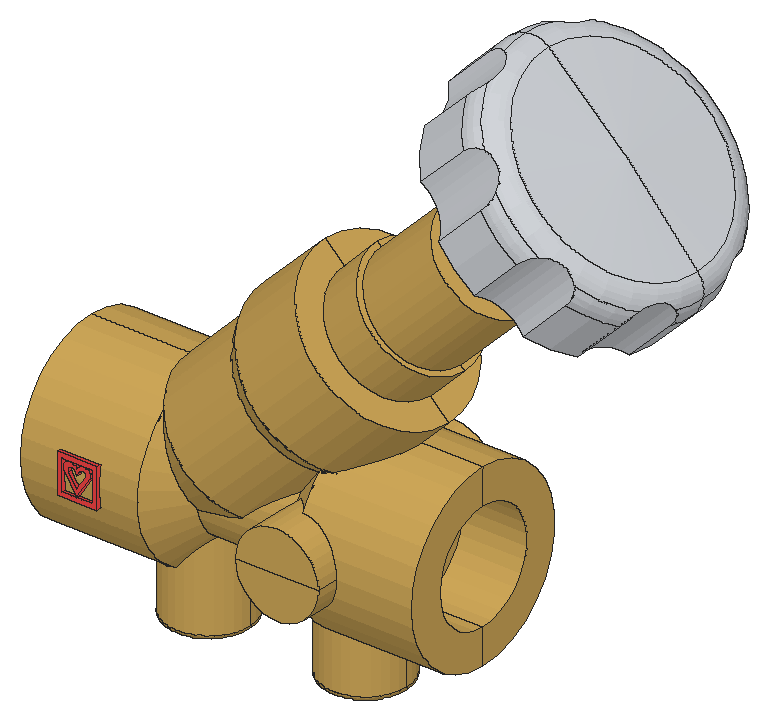
Revit family "Absperrventil 4125 D", category Rohrzubehör, Revit 2019
Family settings
  Bemaßung runder Anschluss = Durchmesser verwenden
  Teiletyp = Unterbricht
  OmniClass-Nummer = 23.65.55.14
  OmniClass-Titel = Valves for Liquid Services
  Arbeitsebenenbasiert = Nein
  Immer vertikal = Ja
  Beim Laden mit Abzugskörper schneiden = Nein
  Gemeinsam genutzt = Nein
Parameters
  W01 = 45.00°  # constant formula
  URL = "www.herz-armaturen.at"
  Spindel = "Messing CW617N\r"  # constant formula
  SW01 = 60.00°  # constant formula
  SCRNSEQ = "ARM;ARM_TYP=\"ABSV\";2"
  SCRNCODE = "05;07;02"  # constant formula
  S03 = 60.000 mm  # constant formula
  S02 [instance] = L06 + L09 + L12 + L15  # 113.800 mm
  S01 [instance] = R01 * 2  # 41.000 mm
  R12 [instance] = R01 - 1.000 mm  # 19.500 mm
  R11 [instance] = size_lookup("4125D_", "R11", 1.000 mm, Nennweite)  # 6.000 mm
  R100 = 1.000 mm  # constant formula
  R10 [instance] = size_lookup("4125D_", "R10", 1.000 mm, Nennweite)  # 9.000 mm
  R09 [instance] = size_lookup("4125D_", "R9", 1.000 mm, Nennweite)  # 12.750 mm
  R08 [instance] = size_lookup("4125D_", "R8", 1.000 mm, Nennweite)  # 14.000 mm
  R07 [instance] = size_lookup("4125D_", "R7", 1.000 mm, Nennweite)  # 20.000 mm
  R06 [instance] = size_lookup("4125D_", "R6", 1.000 mm, Nennweite)  # 17.750 mm
  R05 [instance] = Nennweite / 2  # 12.500 mm
  R04 [instance] = size_lookup("4125D_", "R4", 1.000 mm, Nennweite)  # 9.500 mm
  R03 = 9.500 mm  # constant formula
  R02 [instance] = Nennweite / 2  # 12.500 mm
  R01 [instance] = size_lookup("4125D_", "R1", 1.000 mm, Nennweite)  # 20.500 mm
  Oberteil = "entzinkungsbeständiges Messing CW602N"  # constant formula
  Nennweite [instance] = 25.000 mm
  Medium = "Heizungswasser nach ÖNORM H5195 oder VDI- Richtlinie 2035.\r\nDie Verwendung von Ethylen- oder Propyleneglykol in einem Mischungsverhältnis 25- 50% ist zulässig.\r\nEPDM-Dichtungen können durch Mineralöle und Schmiermittel beeinflusst werden, was zum Versagen der EPDM-Dichtungen führen kann."
  Max.Differenzdruck bei geschlossenen Sitz = 1000000.0 Pa  # constant formula
  Max.Betriebstemperatur = 110 °C  # constant formula
  Max.Betriebsdruck = 2000000.0 Pa  # constant formula
  L16 [instance] = L01 / 2  # 13.500 mm
  L15 [instance] = size_lookup("4125D_", "L15", 1.000 mm, Nennweite)  # 12.400 mm
  L14 [instance] = size_lookup("4125D_", "L14", 1.000 mm, Nennweite)  # 12.000 mm
  L12 [instance] = size_lookup("4125D_", "L12", 1.000 mm, Nennweite)  # 43.400 mm
  L11 [instance] = size_lookup("4125D_", "L11", 1.000 mm, Nennweite)  # 22.400 mm
  L10 [instance] = size_lookup("4125D_", "L10", 1.000 mm, Nennweite)  # 11.000 mm
  L09 [instance] = size_lookup("4125D_", "L9", 1.000 mm, Nennweite)  # 19.500 mm
  L08 [instance] = size_lookup("4125D_", "L8", 1.000 mm, Nennweite)  # 34.000 mm
  L07 [instance] = size_lookup("4125D_", "L7", 1.000 mm, Nennweite)  # 18.000 mm
  L06 [instance] = size_lookup("4125D_", "L6", 1.000 mm, Nennweite) - L09  # 38.500 mm
  L05 [instance] = size_lookup("4125D_", "L5", 1.000 mm, Nennweite)  # 25.500 mm
  L04 [instance] = size_lookup("4125D_", "L4", 1.000 mm, Nennweite)  # 25.500 mm
  L03 = 15.000 mm  # constant formula
  L02 [instance] = size_lookup("4125D_", "L2", 1.000 mm, Nennweite)  # 11.000 mm
  L01 [instance] = size_lookup("4125D_", "L1", 1.000 mm, Nennweite)  # 27.000 mm
  L00 [instance] = size_lookup("4125D_", "L", 1.000 mm, Nennweite)  # 90.000 mm
  Kegel = "entzinkungsbeständiges Messing CW602N"  # constant formula
  Hersteller = "HERZ Armaturen Ges.m.b.H."  # constant formula
  Handrad = "Polyamide"  # constant formula
  H01 [instance] = size_lookup("4125D_", "H1", 1.000 mm, Nennweite)  # 32.000 mm
  Gehäuse = "entzinkungsbeständiges Gussmessing CC752S"  # constant formula
  Dichtungen = "EPDM"  # constant formula
  DN80 [instance] = Nennweite = 80.000 mm  # no
  DN65 [instance] = Nennweite = 65.000 mm  # no
  DN50 [instance] = Nennweite = 50.000 mm  # no
  DN40 [instance] = Nennweite = 40.000 mm  # no
  DN32 [instance] = Nennweite = 32.000 mm  # no
  DN25-DN80 [instance] = or(Nennweite = 25.000 mm, Nennweite = 32.000 mm, Nennweite = 40.000 mm, Nennweite = 50.000 mm, Nennweite = 65.000 mm, Nennweite = 80.000 mm)  # yes
  DN25 [instance] = Nennweite = 25.000 mm  # yes
  DN20 [instance] = Nennweite = 20.000 mm  # no
  DN15 [instance] = Nennweite = 15.000 mm  # no
  Bestellnummer [instance] = size_lookup("4125D_", "Artnr", 0, Nennweite)  # 1412563
  Ausführung = "STRÖMAX-D-Absperrventile in Schrägsitzform, gelbe Ausführung,\r\nMuffe x Muffe, mit langen Gewindemuffen, nichtsteigender Spindel,\r\nSpindelabdichtung durch elastischen Doppel-O-Ring."
  Anwendungsgebiet = "Zuverlässiges Absperren von Leitungen in Heiz- und Kühlanalgen."
Reference planes
  plane 1 "Mitte (Vorne/hinten)": y = 0
  plane 2: z = 0
  plane 3 "Mitte (Links/rechts)": x = 0
Forms (mm)
  Revolve 1, solid, material "Messing, weicher Gelbton, geschweißt", detail levels fine
    sketch origin (470, 0, 0) x (1, 0, 0) y (0, 0, 1)
      loop
        line (-515, 12.5) -> (-500, 12.5) -> (-500, 0) -> (-440, 0) -> (-440, 12.5) -> (-425, 12.5) -> (-425, 20.5) -> (-452, 20.5) -> (-459, 12.5) -> (-481, 12.5) -> (-488, 20.5) -> (-515, 20.5) -> (-515, 12.5)
      axis (-515, 0) -> (-425, 0)
    angle from 0 to 360
  Revolve 2, solid, material "Messing, weicher Gelbton, geschweißt", detail levels fine
    sketch origin (470, 0, 0) x (1, 0, 0) y (0, 0, 1)
      loop
        line (-497.5, 0) -> (-497.5, -31)
        arc (-497.5, -31) -> (-497.207, -31.707) -> (-496.5, -32) r 1
        line (-496.5, -32) -> (-488, -32) -> (-488, 0) -> (-497.5, 0)
      axis (-488, 0) -> (-488, -32)
    angle from 0 to 360
  Revolve 3, solid, material "Messing, weicher Gelbton, geschweißt", detail levels fine
    sketch origin (0, 0, 0) x (1, 0, 0) y (0, 1, 0)
      loop
        line (18, -25.5) -> (27.5, -25.5) -> (27.5, 25.5) -> (18, 25.5) -> (18, -25.5)
      axis (18, -25.5) -> (18, 25.5)
    angle from 0 to 360
  Revolve 4, solid, material "Messing, weicher Gelbton, geschweißt", visible <- "DN25-DN80", detail levels fine
    sketch origin (-470, 0, 0) x (-1, 0, 0) y (0, 0, 1)
      loop
        line (-497.5, 0) -> (-497.5, -31)
        arc (-497.5, -31) -> (-497.207, -31.707) -> (-496.5, -32) r 1
        line (-496.5, -32) -> (-488, -32) -> (-488, 0) -> (-497.5, 0)
      axis (-488, 0) -> (-488, -32)
    angle from 0 to 360
  Revolve 5, solid, material "Messing, weicher Gelbton, geschweißt", detail levels fine
    sketch origin (0.32, 0, -0.105) x (1, 0, 0) y (0, 0, 1)
      loop
        line (-18.32, 0) -> (62.149, 80.469) -> (57.906, 84.711) -> (49.138, 75.943) -> (47.017, 78.065) -> (39.946, 70.994) -> (37.294, 73.645) -> (21.455, 57.806) -> (20.571, 58.69) -> (12.793, 50.912) -> (8.55, 55.154) -> (-5.239, 41.366) -> (-6.83, 36.593) -> (-22.386, 21.036) -> (-27.159, 8.839) -> (-18.32, 0)
      axis (-18.32, 0) -> (62.149, 80.469)
    angle from 0 to 360
Lines and regions (mm)
  model lines, detail levels coarse+medium
    curve 1: line (-45, 0, 20.5) -> (-45, 0, -20.5)
    curve 2: line (-45, 0, -20.5) -> (45, 0, 20.5)
    curve 3: line (45, 0, 20.5) -> (45, 0, -20.5)
    curve 4: line (45, 0, -20.5) -> (-45, 0, 20.5)
    curve 5: line (0, 0, 0) -> (56.9, 0, 98.554)
    curve 6: line (30.919, 0, 113.554) -> (82.881, 0, 83.554)
    curve 7: line (-45, -20.5, 0) -> (-45, 20.5, 0)
    curve 8: line (-45, 20.5, 0) -> (45, -20.5, 0)
    curve 9: line (45, -20.5, 0) -> (45, 20.5, 0)
    curve 10: line (45, 20.5, 0) -> (-45, -20.5, 0)
    curve 11: line (0, 0, 0) -> (56.9, 98.554, 0)
    curve 12: line (30.919, 113.554, 0) -> (82.881, 83.554, 0)
Dimensions and locks
  "H01": plane 2 to Revolve 2 sketch curve
  "L00": Revolve 1 sketch curve to Revolve 1 sketch curve
  equal spacing: Revolve 1 sketch curve, plane 3 "Mitte (Links/rechts)", Revolve 1 sketch curve
  "R01": Revolve 1 sketch curve to Revolve 1 sketch curve  (x2)
  "R02": Revolve 1 sketch curve to Revolve 1 sketch curve  (x3)
  "L01": Revolve 1 sketch curve to Revolve 1 sketch curve  (x2)
  "L02": plane 3 "Mitte (Links/rechts)" to Revolve 1 sketch curve
  "L02": Revolve 1 sketch curve to plane 3 "Mitte (Links/rechts)"
  "L03": Revolve 1 sketch curve to Revolve 1 sketch curve  (x2)
  "L01": Revolve 1 to Revolve 2 sketch curve
  "R03": Revolve 2 sketch curve to Revolve 2 sketch curve
  "L01": Revolve 4 sketch curve to Revolve 1
  "R03": Revolve 4 sketch curve to Revolve 4 sketch curve
  "H01": plane 2 to Revolve 4 sketch curve
  "L04": Revolve 3 sketch curve to plane 1 "Mitte (Vorne/hinten)"
  "L05": plane 1 "Mitte (Vorne/hinten)" to Revolve 3 sketch curve
  "R04": Revolve 3 sketch curve to Revolve 3 sketch curve
  "L01": Revolve 3 sketch curve to Revolve 1
  "R07": Revolve 5 sketch curve to Revolve 5 sketch curve
  "L07": plane 3 "Mitte (Links/rechts)" to Revolve 5 sketch curve
  "R05": Revolve 5 sketch curve to Revolve 5 sketch curve
  "L06": Revolve 5 sketch curve to Revolve 5 sketch curve
  "L08": Revolve 5 sketch curve to Revolve 5 sketch curve
  "R06": Revolve 5 sketch curve to Revolve 5 sketch curve
  "L14": Revolve 5 sketch curve to Revolve 5 sketch curve
  "L09": Revolve 5 sketch curve to Revolve 5 sketch curve
  "R08": Revolve 5 sketch curve to Revolve 5 sketch curve
  "L10": Revolve 5 sketch curve to Revolve 5 sketch curve
  "R09": Revolve 5 sketch curve to Revolve 5 sketch curve
  "R10": Revolve 5 sketch curve to Revolve 5 sketch curve
  "L12": Revolve 5 sketch curve to Revolve 5 sketch curve
  "R11": Revolve 5 sketch curve to Revolve 5 sketch curve
  "L15": Revolve 5 sketch curve to Revolve 5 sketch curve
  "L11": Revolve 5 sketch curve to Revolve 5 sketch curve
  "R12": nested 9 to plane 1 "Mitte (Vorne/hinten)"
  "L16": Revolve 1 to nested 9
  equal spacing: curve 1, plane 3 "Mitte (Links/rechts)", curve 3
  "L00": curve 1 to curve 3
  equal spacing: curve 4, plane 2, curve 2
  "S01": curve 4 to curve 1
  "S01": curve 3 to curve 4
  equal spacing: curve 3, plane 2, curve 4
  "S02": curve 5 to curve 5
  equal spacing: curve 6, curve 5, curve 6
  "S03": curve 6 to curve 6
  equal spacing: curve 7, plane 3 "Mitte (Links/rechts)", curve 9
  "L00": curve 7 to curve 9
  equal spacing: curve 10, plane 1 "Mitte (Vorne/hinten)", curve 8
  "S01": curve 8 to curve 10
  equal spacing: curve 9, plane 1 "Mitte (Vorne/hinten)", curve 10
  "S01": curve 10 to curve 9
  "S02": curve 11 to curve 11
  equal spacing: curve 12, curve 11, curve 12
  "S03": curve 12 to curve 12
  "R100": radius of Revolve 2 sketch curve
  "R100": radius of Revolve 4 sketch curve
  "W01": angle plane 2 to Revolve 5 sketch curve
  "W01": angle level to Revolve 5 sketch curve
  "SW01": angle plane 2 to curve 5
  "SW01": angle plane 1 "Mitte (Vorne/hinten)" to curve 11
  aligned and locked: level to plane 2
Automatic sketch dimensions
  curve 5 to level = 0.000 mm
  plane 1 "Mitte (Vorne/hinten)" to curve 11 = 0.000 mm
  Revolve 1 sketch curve to level = 0.000 mm  (x2)
  Revolve 1 sketch curve to Revolve 1 sketch curve = 791.990 mm
  Revolve 1 sketch curve to Revolve 1 sketch curve = 2278.983 mm
  Revolve 2 sketch curve to level = 0.000 mm  (x2)
  Revolve 2 sketch curve to Revolve 2 sketch curve = 0.000 mm
  Revolve 2 sketch curve to Revolve 2 sketch curve = 0.292 mm
  Revolve 3 sketch curve to Revolve 3 sketch curve = 0.000 mm  (x3)
  Revolve 4 sketch curve to level = 0.000 mm  (x2)
  Revolve 4 sketch curve to Revolve 4 sketch curve = 0.000 mm
  Revolve 4 sketch curve to Revolve 4 sketch curve = 0.292 mm
  Revolve 5 sketch curve to level = 0.105 mm
  Revolve 5 sketch curve to Revolve 5 sketch curve = 0.000 mm  (x2)
Nested families
  nested 1: "Strömax-Handrad_Schrägsitz" at (42.584, 0, 54.979), visible <- "DN15", type "Strömax-Handrad_Schrägsitz", detail levels fine
    with Nennweite 0.000 mm, Gewicht 0.00 kg, Bestellnummer 0
  nested 2: "Strömax-Handrad_Schrägsitz" at (54.312, 0, 67.707), visible <- "DN20", type "Strömax-Handrad_Schrägsitz", detail levels fine
    with Nennweite 0.000 mm, Gewicht 0.00 kg, Bestellnummer 0
  nested 3: "Strömax-Handrad_Schrägsitz" at (62.469, 0, 80.364), visible <- "DN25", type "Strömax-Handrad_Schrägsitz", detail levels fine
    with Nennweite 0.000 mm, Gewicht 0.00 kg, Bestellnummer 0
  nested 4: "Strömax-Handrad_Schrägsitz" at (71.712, 0, 91.607), visible <- "DN32", type "Strömax-Handrad_Schrägsitz", detail levels fine
    with Nennweite 0.000 mm, Gewicht 0.00 kg, Bestellnummer 0
  nested 5: "Strömax-Handrad_Schrägsitz" at (80.399, 0, 101.294), visible <- "DN40", type "Strömax-Handrad_Schrägsitz", detail levels fine
    with Nennweite 0.000 mm, Gewicht 0.00 kg, Bestellnummer 0
  nested 6: "Strömax-Handrad_Schrägsitz" at (97.83, 0, 129.225), visible <- "DN50", type "Strömax-Handrad_Schrägsitz", detail levels fine
    with Nennweite 0.000 mm, Gewicht 0.00 kg, Bestellnummer 0
  nested 7: "Strömax-Handrad_Schrägsitz" at (114.482, 0, 149.378), visible <- "DN65", type "Strömax-Handrad_Schrägsitz", detail levels fine
    with Nennweite 0.000 mm, Gewicht 0.00 kg, Bestellnummer 0
  nested 8: "Strömax-Handrad_Schrägsitz" at (140.423, 0, 183.319), visible <- "DN80", type "Strömax-Handrad_Schrägsitz", detail levels fine
    with Nennweite 0.000 mm, Gewicht 0.00 kg, Bestellnummer 0
  nested 9: "Herz-Logo-vorne" at (-31.5, -20.232, 0) x (0, 1, 0) z (0, 0, 1), type "Herz-Logo-vorne", detail levels fine
Connectors
  piping at (-30, 0, 0), diameter 25, driven by "Nennweite"
    settings: on Revolve 1, index 1, connector inside diameter 609.6 mm, connector length 0.000 mm, flow factor 0, pipe flow 0.0 L/s, pressure drop 0.0 Pa, fitting loss kfactor 0, connector angle 0.00°, fixture units 0, engagement length 0.000 mm, angle of deflection 0.00°, flow configuration 0, flow direction 1, fitting loss method 0, system type 29, joint type 0, gender type 0, connector reference index -1, connector utility 0, adjustable connector no, is connector primary yes, connector description ""
  piping at (30, 0, 0), diameter 25, driven by "Nennweite"
    settings: on Revolve 1, index 2, connector inside diameter 609.6 mm, connector length 0.000 mm, flow factor 0, pipe flow 0.0 L/s, pressure drop 0.0 Pa, fitting loss kfactor 0, connector angle 0.00°, fixture units 0, engagement length 0.000 mm, angle of deflection 0.00°, flow configuration 0, flow direction 2, fitting loss method 0, system type 29, joint type 0, gender type 0, connector reference index -1, connector utility 0, adjustable connector no, is connector primary no, connector description ""
Definition of nested family "Strömax-Handrad_Schrägsitz"
  Parameters (values of type "Strömax-Handrad_Schrägsitz")
    URL = "www.herz-armaturen.at"
    Nennweite [instance] = 0.000 mm
    Manufacturer = "Herz Armaturen GmbH"  # constant formula
    Gewicht [instance] = 0.00 kg
    Bestellnummer [instance] = 0
  Reference planes
    plane 1 "Mitte (Vorne/hinten)": y = 0
    plane 2: z = 0
    plane 3 "Mitte (Links/rechts)": x = 0
  Forms (mm)
    Revolve 1, solid
      sketch origin (0, 0, 0) x (0.707107, 0, -0.707107) y (0.707107, 0, 0.707107)
        loop
          line (0, 0) -> (0, 22)
          arc (0, 22) -> (-12.15, 21.705) -> (-24.271, 20.819) r 250
          arc (-24.271, 20.819) -> (-26.831, 19.959) -> (-28.754, 18.063) r 6
          arc (-28.754, 18.063) -> (-29.682, 16.008) -> (-30, 13.776) r 8
          line (-30, 13.776) -> (-30, 0) -> (0, 0)
        axis (0, 22) -> (0, 0)
      angle from 0 to 360
    Extrusion 2, void
      sketch origin (0, 0, 0) x (0.707107, 0, -0.707107) y (0, 1, 0)
        loop
          circle (14.351, -34.645) r 10
      from 0 to 22
    Extrusion 3, void
      sketch origin (0, 0, 0) x (-0.707107, 0, 0.707107) y (0, -1, 0)
        loop
          circle (14.351, 34.645) r 10
      from 0 to 22
    Extrusion 4, void
      sketch origin (0, 0, 0) x (0, -1, 0) y (0.707107, 0, -0.707107)
        loop
          circle (14.351, 34.645) r 10
      from 0 to 22
    Extrusion 5, void
      sketch origin (0, 0, 0) x (0, 1, 0) y (-0.707107, 0, 0.707107)
        loop
          circle (14.351, -34.645) r 10
      from 0 to 22
    Extrusion 6, void
      sketch origin (0, 0, 0) x (0, -1, 0) y (0.707107, 0, -0.707107)
        loop
          circle (14.351, -34.645) r 10
      from 0 to 22
    Extrusion 7, void
      sketch origin (0, 0, 0) x (0, 1, 0) y (-0.707107, 0, 0.707107)
        loop
          circle (14.351, 34.645) r 10
      from 0 to 22
    Extrusion 8, void
      sketch origin (0, 0, 0) x (0.707107, 0, -0.707107) y (0, 1, 0)
        loop
          circle (14.351, 34.645) r 10
      from 0 to 22
    Extrusion 9, void
      sketch origin (0, 0, 0) x (-0.707107, 0, 0.707107) y (0, -1, 0)
        loop
          circle (14.351, -34.645) r 10
      from 0 to 22
  Cuts and joins
    Extrusion 2, Extrusion 3, Extrusion 4, Extrusion 5, Extrusion 6, Extrusion 7, Extrusion 8, Extrusion 9 cuts Revolve 1
  Dimensions and locks
    aligned and locked: level to plane 2
Definition of nested family "Herz-Logo-vorne"
  Reference planes
    plane 1 "Mitte (Vorne/hinten)": y = 0
    plane 2: z = 0
    plane 3 "Mitte (Links/rechts)": x = 0
  Forms (mm)
    Extrusion 1, solid
      sketch origin (0.732, -0.018, 0.017) x (0, -1, 0) y (0, 0, 1)
        loop
          line (-0.018, -4.517) -> (4.482, -4.517) -> (4.482, 4.483) -> (-4.518, 4.483) -> (-4.518, -4.517) -> (-0.018, -4.517)
        loop
          line (-0.05, -3.48) -> (3.482, -3.48) -> (3.482, 3.483) -> (-3.518, 3.483) -> (-3.518, -3.48) -> (-0.05, -3.48)
        loop
          arc (-0.018, 2.383) -> (-1.543, 3.287) -> (-3.067, 2.383) r 1.738
          arc (-3.067, 2.383) -> (-3.191, 1.899) -> (-3.067, 1.415) r 1.009
          line (-3.067, 1.415) -> (-0.018, -3.281) -> (3.032, 1.415)
          arc (3.032, 1.415) -> (3.156, 1.899) -> (3.032, 2.383) r 1.009
          arc (3.032, 2.383) -> (1.507, 3.287) -> (-0.018, 2.383) r 1.738
        loop
          arc (1.885, 1.272) -> (2.005, 1.675) -> (1.885, 2.079) r 0.74
          arc (1.885, 2.079) -> (1.265, 2.416) -> (0.644, 2.079) r 0.74
          line (0.644, 2.079) -> (-0.018, 0.97) -> (-0.679, 2.079)
          arc (-0.679, 2.079) -> (-1.3, 2.416) -> (-1.921, 2.079) r 0.74
          arc (-1.921, 2.079) -> (-2.04, 1.675) -> (-1.921, 1.272) r 0.74
          line (-1.921, 1.272) -> (-0.018, -1.658) -> (1.885, 1.272)
      from 0 to 1.5
  Dimensions and locks
    aligned and locked: level to plane 2
